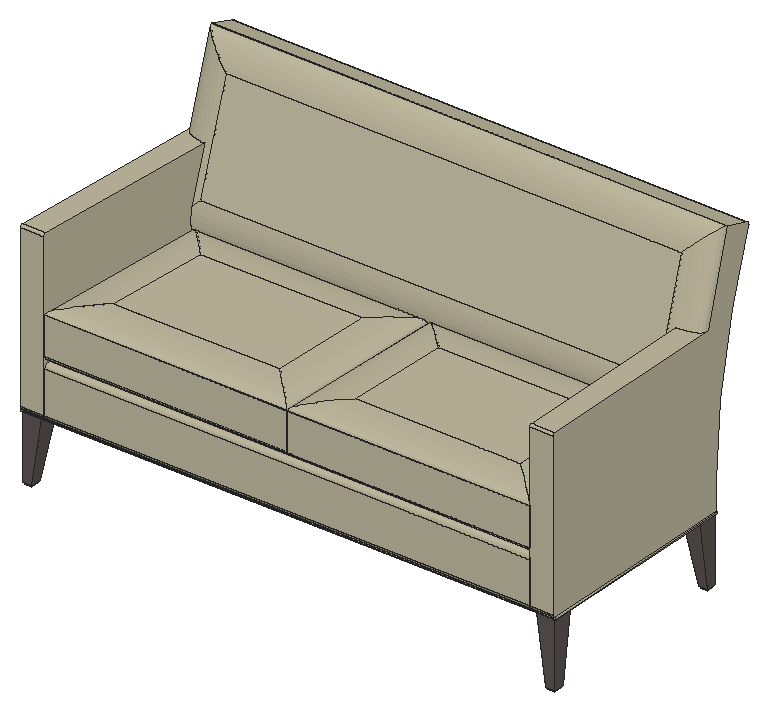
Revit family
Parameters
  URL = "http://www.martinbrattrud.com"
  SCS Certified Product = "Yes"
  Model = "Blackburn 760-56"
  Manufacturer = "Martin Brattrud, Inc."
  Leg [instance] = none
  Keynote = "125000"
  Foot [instance] = none
  Copyright = "© 2013 Martin Brattrud, Inc."
  Chair [instance] = none
  Authoring Version = "Revit Architecture 2010"
  Assembly Code = "E2020200"
Reference planes (in)
  plane 1 "Center Front/Back": y = 0
  plane 2: z = 0
  plane 3 "Center Left/Right": x = 0
Forms (in)
  Extrusion 1, solid, material <- "Chair"
    sketch origin (0, 0, 0) x (0, 1, 0) y (0, 0, 1)
      loop
        line (5.8028, 7.1875) -> (5.8028, 11.7852) -> (-8.26412, 11.7852)
        arc (-8.26412, 11.7852) -> (-10.46851, 11.92837) -> (-12.63586, 12.35546) r 17.04267
        arc (-12.63586, 12.35546) -> (-13.06897, 12.2685) -> (-13.26412, 11.87219) r 0.5
        line (-13.26412, 11.87219) -> (-13.26412, 7.4375)
        arc (-13.26412, 7.4375) -> (-13.1909, 7.26072) -> (-13.01412, 7.1875) r 0.25
        line (-13.01412, 7.1875) -> (5.8028, 7.1875)
    from -26.25 to 26.25
  Extrusion 2, void
    sketch origin (0, 0, 0) x (1, 0, 0) y (0, 1, 0)
      loop
        line (-29, 11.5528) -> (-29, -13.26412) -> (-25.74576, -13.26412) -> (-24.83905, 11.5528) -> (-29, 11.5528)
      loop
        line (29, 11.50722) -> (24.84072, 11.50722) -> (25.74576, -13.26412) -> (29, -13.26412) -> (29, 11.50722)
    from 6.00105 to 24.6875
  Extrusion 3, void
    sketch origin (0, 0, 0) x (1, 0, 0) y (0, 1, 0)
      loop
        line (-24.75485, 13.85742) -> (-25.74576, -13.26412) -> (-24.50969, -13.26412) -> (-24.50969, 13.85742) -> (-24.75485, 13.85742)
      loop
        line (24.75485, 13.85742) -> (24.50969, 13.85742) -> (24.50969, -13.26412) -> (25.74576, -13.26412) -> (24.75485, 13.85742)
    from 5.12224 to 25.20138
  Extrusion 4, solid, material <- "Chair"
    sketch origin (-15, 0, 0) x (0, 1, 0) y (0, 0, -1)
      loop
        line (-13.01412, -24.6875) -> (11.38995, -24.6875)
        arc (11.38995, -24.6875) -> (9.82389, -17.4441) -> (9.29834, -10.052) r 52.25
        line (9.29834, -10.052) -> (9.29834, -7.3125)
        arc (9.29834, -7.3125) -> (9.26173, -7.22411) -> (9.17334, -7.1875) r 0.125
        line (9.17334, -7.1875) -> (-13.01412, -7.1875)
        arc (-13.01412, -7.1875) -> (-13.1909, -7.26072) -> (-13.26412, -7.4375) r 0.25
        line (-13.26412, -7.4375) -> (-13.26412, -24.4375)
        arc (-13.26412, -24.4375) -> (-13.1909, -24.61428) -> (-13.01412, -24.6875) r 0.25
    from 9.50969 to 14
  Sweep 5, solid, material <- "Chair"
    path origin (0, 0, 0) x (1, 0, 0) y (0, 1, 0)
      loop
        line (-27.41468, 9.17335) -> (-28.23644, -13.01415) -> (28.23644, -13.01415) -> (27.41468, 9.17335) -> (-27.41468, 9.17335)
    profile origin (0, 9.17335, 0) x (0, 1, 0) y (0, 0, 1)
      loop
        circle (0, 7.06463) r 0.125
  SweptBlend 6, solid, material <- "Leg"
    path in 3D
      loop
        line (27.4146, 9.17563, 6.9375) -> (27.4146, 9.17563, 0.1875)
    profile origin (27.4146, 9.17563, 6.9375) x (0, 1, 0) y (-1, 0, 0)
      loop
        line (0, 0) -> (0, 2.00137) -> (-2, 1.9273) -> (-2, -0.07407) -> (0, 0)
    end profile origin (27.4146, 9.17563, 0.1875) x (0, 1, 0) y (-1, 0, 0)
      loop
        line (0, 0) -> (0, 1.00069) -> (-1, 0.96365) -> (-1, -0.03704) -> (0, 0)
  SweptBlend 7, solid, material <- "Leg"
    path in 3D
      loop
        line (-27.4146, 9.17563, 6.9375) -> (-27.4146, 9.17563, 0.1875)
    profile origin (-27.4146, 9.17563, 6.9375) x (0, 1, 0) y (-1, 0, 0)
      loop
        line (0, 0) -> (-2, 0.07407) -> (-2, -1.9273) -> (0, -2.00137) -> (0, 0)
    end profile origin (-27.4146, 9.17563, 0.1875) x (0, 1, 0) y (-1, 0, 0)
      loop
        line (0, 0) -> (-1, 0.03704) -> (-1, -0.96365) -> (0, -1.00069) -> (0, 0)
  SweptBlend 8, solid, material <- "Leg"
    path in 3D
      loop
        line (28.22335, -12.76046, 6.9375) -> (28.22335, -12.76046, 0.1875)
    profile origin (28.22335, -12.76046, 6.9375) x (0, 1, 0) y (-1, 0, 0)
      loop
        line (1.75017, 0.06482) -> (1.75017, 2.06619) -> (-0.24983, 1.99212) -> (-0.24983, -0.00925) -> (1.75017, 0.06482)
    end profile origin (28.22335, -12.76046, 0.1875) x (0, 1, 0) y (-1, 0, 0)
      loop
        line (0.74634, 0.02394) -> (0.74634, 1.02463) -> (-0.25366, 0.98759) -> (-0.24985, -0.00928) -> (0.74634, 0.02394)
  SweptBlend 9, solid, material <- "Leg"
    path in 3D
      loop
        line (-28.22335, -12.76046, 6.9375) -> (-28.22335, -12.76046, 0.1875)
    profile origin (-28.22335, -12.76046, 6.9375) x (0, 1, 0) y (-1, 0, 0)
      loop
        line (1.75017, -0.06482) -> (-0.24983, 0.00925) -> (-0.24983, -1.99212) -> (1.75017, -2.06619) -> (1.75017, -0.06482)
    end profile origin (-28.22335, -12.76046, 0.1875) x (0, 1, 0) y (-1, 0, 0)
      loop
        line (0.74634, -0.02394) -> (-0.24985, 0.00928) -> (-0.25366, -0.98759) -> (0.74634, -1.02463) -> (0.74634, -0.02394)
  Extrusion 10, solid, material <- "Foot"
    sketch origin (-0.78657, -21.182, 0) x (-1, 0, 0) y (0, -1, 0)
      loop
        line (27.29414, -9.05063) -> (27.32192, -8.30063) -> (26.57141, -8.30063) -> (26.54363, -9.05063) -> (27.29414, -9.05063)
      loop
        line (26.50757, -30.23263) -> (26.53535, -29.48263) -> (25.78484, -29.48263) -> (25.75706, -30.23263) -> (26.50757, -30.23263)
      loop
        line (-27.3302, -30.23263) -> (-27.35797, -29.48263) -> (-28.10849, -29.48263) -> (-28.08071, -30.23263) -> (-27.3302, -30.23263)
      loop
        line (-28.11676, -9.05063) -> (-28.14454, -8.30063) -> (-28.89506, -8.30063) -> (-28.86728, -9.05063) -> (-28.11676, -9.05063)
    from 0 to 0.1875
  Extrusion 11, solid, material <- "Chair"
    sketch origin (0, 0, 0) x (0, 1, 0) y (0, 0, 1)
      loop
        arc (9.17334, 7.1875) -> (9.26173, 7.22411) -> (9.29834, 7.3125) r 0.125
        line (9.29834, 7.3125) -> (9.29834, 10.052)
        arc (9.29834, 10.052) -> (9.94163, 18.2257) -> (11.85564, 26.19814) r 52.25
        line (11.85564, 26.19814) -> (13.78159, 32.1256)
        arc (13.78159, 32.1256) -> (13.74988, 32.51038) -> (13.45355, 32.75786) r 0.5
        line (13.45355, 32.75786) -> (11.02127, 33.50876) -> (5.8028, 16.6053) -> (5.8028, 7.1875) -> (9.17334, 7.1875)
    from -29 to 29
  Extrusion 12, void
    sketch origin (0, 0, 0) x (1, 0, 0) y (0, 1, 0)
      loop
        line (-28.2457, -13.26412) -> (-27.2415, 13.84925) -> (-29, 13.84925) -> (-29, -13.26412) -> (-28.2457, -13.26412)
      loop
        line (28.2457, -13.26412) -> (29, -13.26412) -> (29, 13.84925) -> (27.2415, 13.84925) -> (28.2457, -13.26412)
    from 5.37178 to 33.5625
  Extrusion 13, solid, material <- "Chair"
    sketch origin (-15, 0, 0) x (1, 0, 0) y (0, 1, 0)
      loop
        line (-10.04913, 5.8028) -> (-10.74576, -13.26412) -> (15, -13.26412) -> (15, 5.8028) -> (-10.04913, 5.8028)
    from 13 to 17
  Sweep 14, solid, material <- "Chair"
    path in 3D
      loop
        line (0, -13.26412, 17) -> (0, 5.8028, 17) -> (-25.04913, 5.8028, 17) -> (-25.74576, -13.26412, 17) -> (0, -13.26412, 17)
    profile origin (-12.87288, -13.26412, 17) x (0, 1, 0) y (0, 0, 1)
      loop
        line (0.03125, 0) -> (4.03125, 0) -> (4.03125, 0.75)
        spline (4.03125, 0.75) -> (3.50915, 0.74358) -> (2.99597, 0.72444) -> (2.50052, 0.69291) -> (2.03125, 0.64952) -> (1.5962, 0.59502) -> (1.20282, 0.53033) -> (0.85784, 0.45657) -> (0.56715, 0.375) -> (0.33573, 0.28701) -> (0.16755, 0.19411) -> (0.06547, 0.09789) -> (0.03125, 0)
      loop
        spline (0.03125, -4) -> (0.06547, -4.09789) -> (0.16755, -4.19411) -> (0.33573, -4.28701) -> (0.56715, -4.375) -> (0.85784, -4.45657) -> (1.20282, -4.53033) -> (1.5962, -4.59502) -> (2.03125, -4.64952) -> (2.50052, -4.69291) -> (2.99597, -4.72444) -> (3.50915, -4.74358) -> (4.03125, -4.75)
        line (4.03125, -4.75) -> (4.03125, -4) -> (0.03125, -4)
  Extrusion 15, solid, material <- "Chair"
    sketch origin (-15, 0, 0) x (1, 0, 0) y (0, 1, 0)
      loop
        line (-6.56453, -9.23287) -> (10.96875, -9.23287) -> (10.96875, 1.77155) -> (-6.16248, 1.77155) -> (-6.56453, -9.23287)
    from 17 to 17.75
  Extrusion 16, solid, material <- "Chair"
    sketch origin (-15, 0, 0) x (1, 0, 0) y (0, 1, 0)
      loop
        line (-6.56453, -9.23287) -> (10.96875, -9.23287) -> (10.96875, 1.77155) -> (-6.16248, 1.77155) -> (-6.56453, -9.23287)
    from 12.25 to 13
  Extrusion 17, solid, material <- "Chair"
    sketch origin (15, 0, 0) x (0, 1, 0) y (0, 0, 1)
      loop
        arc (-13.01412, 24.6875) -> (-13.1909, 24.61428) -> (-13.26412, 24.4375) r 0.25
        line (-13.26412, 24.4375) -> (-13.26412, 7.4375)
        arc (-13.26412, 7.4375) -> (-13.1909, 7.26072) -> (-13.01412, 7.1875) r 0.25
        line (-13.01412, 7.1875) -> (9.17334, 7.1875)
        arc (9.17334, 7.1875) -> (9.26173, 7.22411) -> (9.29834, 7.3125) r 0.125
        line (9.29834, 7.3125) -> (9.29834, 10.052)
        arc (9.29834, 10.052) -> (9.82389, 17.4441) -> (11.38995, 24.6875) r 52.25
        line (11.38995, 24.6875) -> (-13.01412, 24.6875)
    from 9.50969 to 14
  Sweep 18, solid, material <- "Chair"
    path in 3D
      loop
        line (-27.34624, 11.02127, 33.50876) -> (-27.53952, 5.8028, 16.6053) -> (27.53952, 5.8028, 16.6053) -> (27.34624, 11.02127, 33.50876) -> (-27.34624, 11.02127, 33.50876)
    profile origin (0, 11.02127, 33.50876) x (0, -0.294985, -0.955502) y (0, -0.955502, 0.294985)
      loop
        line (0.03125, 0) -> (3.28125, 0) -> (3.28125, 1.25)
        spline (3.28125, 1.25) -> (2.85704, 1.23931) -> (2.44009, 1.20741) -> (2.03753, 1.15485) -> (1.65625, 1.08253) -> (1.30278, 0.99169) -> (0.98315, 0.88388) -> (0.70285, 0.76095) -> (0.46667, 0.625) -> (0.27864, 0.47835) -> (0.14199, 0.32352) -> (0.05905, 0.16316) -> (0.03125, 0)
  Sweep 19, solid, material <- "Chair"
    path in 3D
      loop
        line (-24.10064, 8.85898, 30.74225) -> (-24.10064, 10.05335, 30.37352)
    profile origin (-24.10064, 9.45617, 30.55788) x (1, 0, 0) y (0, -0.294985, -0.955502)
      loop
        line (0, 0) -> (48.20129, 0) -> (48.32287, 11.12816) -> (-0.12158, 11.12816) -> (0, 0)
  Sweep 20, solid, material <- "Chair"
    path in 3D
      loop
        line (0, -13.26412, 17) -> (0, 5.8028, 17) -> (25.04913, 5.8028, 17) -> (25.74576, -13.26412, 17) -> (0, -13.26412, 17)
    profile origin (12.87288, -13.26412, 17) x (0, -1, 0) y (0, 0, 1)
      loop
        spline (-0.03125, 0) -> (-0.06547, 0.09789) -> (-0.16755, 0.19411) -> (-0.33573, 0.28701) -> (-0.56715, 0.375) -> (-0.85784, 0.45657) -> (-1.20282, 0.53033) -> (-1.5962, 0.59502) -> (-2.03125, 0.64952) -> (-2.50052, 0.69291) -> (-2.99597, 0.72444) -> (-3.50915, 0.74358) -> (-4.03125, 0.75)
        line (-4.03125, 0.75) -> (-4.03125, 0) -> (-0.03125, 0)
      loop
        line (-0.03125, -4) -> (-4.03125, -4) -> (-4.03125, -4.75)
        spline (-4.03125, -4.75) -> (-3.50915, -4.74358) -> (-2.99597, -4.72444) -> (-2.50052, -4.69291) -> (-2.03125, -4.64952) -> (-1.5962, -4.59502) -> (-1.20282, -4.53033) -> (-0.85784, -4.45657) -> (-0.56715, -4.375) -> (-0.33573, -4.28701) -> (-0.16755, -4.19411) -> (-0.06547, -4.09789) -> (-0.03125, -4)
  Extrusion 21, solid, material <- "Chair"
    sketch origin (15, 0, 0) x (-1, 0, 0) y (0, -1, 0)
      loop
        line (-6.56453, 9.23287) -> (-6.16248, -1.77155) -> (10.96875, -1.77155) -> (10.96875, 9.23287) -> (-6.56453, 9.23287)
    from 17 to 17.75
  Extrusion 22, solid, material <- "Chair"
    sketch origin (15, 0, 0) x (-1, 0, 0) y (0, -1, 0)
      loop
        line (-6.56453, 9.23287) -> (-6.16248, -1.77155) -> (10.96875, -1.77155) -> (10.96875, 9.23287) -> (-6.56453, 9.23287)
    from 12.25 to 13
  Extrusion 23, solid, material <- "Chair"
    sketch origin (15, 0, 0) x (-1, 0, 0) y (0, -1, 0)
      loop
        line (-10.04913, -5.8028) -> (15, -5.8028) -> (15, 13.26412) -> (-10.74576, 13.26412) -> (-10.04913, -5.8028)
    from 13 to 17
Cuts and joins
  Extrusion 12 cuts SweptBlend 6
  Extrusion 12 cuts SweptBlend 7
  Extrusion 12 cuts Extrusion 10
  Extrusion 3, Extrusion 12 cuts Extrusion 4
  Extrusion 12 cuts Extrusion 11
  Extrusion 3, Extrusion 12 cuts Extrusion 17
  joined: Extrusion 4, Extrusion 11, Extrusion 17
  joined: Sweep 14, Extrusion 15, Extrusion 16
  Extrusion 2 cuts Extrusion 1
  joined: Sweep 20, Extrusion 21, Extrusion 22
  Extrusion 2 cuts Sweep 18
  joined: Sweep 18, Sweep 19
Lines and regions (in)
  sketch lines
    curve 1: line (27.4146, 9.17563, 6.9375) -> (27.4146, 9.17563, 0.1875)
    curve 2: line (-27.4146, 9.17563, 6.9375) -> (-27.4146, 9.17563, 0.1875)
    curve 3: line (28.22335, -12.76046, 6.9375) -> (28.22335, -12.76046, 0.1875)
    curve 4: line (-28.22335, -12.76046, 6.9375) -> (-28.22335, -12.76046, 0.1875)
    curve 5: line (-25.74576, -13.26412, 17) -> (0, -13.26412, 17)
    curve 6: line (-25.04913, 5.8028, 17) -> (-25.74576, -13.26412, 17)
    curve 7: line (0, 5.8028, 17) -> (-25.04913, 5.8028, 17)
    curve 8: line (27.34624, 11.02127, 33.50876) -> (-27.34624, 11.02127, 33.50876)
    curve 9: line (-27.34624, 11.02127, 33.50876) -> (-27.53952, 5.8028, 16.6053)
    curve 10: line (27.53952, 5.8028, 16.6053) -> (-27.53952, 5.8028, 16.6053)
    curve 11: line (-24.10064, 8.85898, 30.74225) -> (-24.10064, 10.05335, 30.37352)
    curve 12: line (0, -13.26412, 17) -> (0, 5.8028, 17)
    curve 13: line (25.74576, -13.26412, 17) -> (0, -13.26412, 17)
    curve 14: line (25.04913, 5.8028, 17) -> (25.74576, -13.26412, 17)
    curve 15: line (0, 5.8028, 17) -> (25.04913, 5.8028, 17)
    curve 16: line (0, -13.26412, 17) -> (0, 5.8028, 17)
    curve 17: line (27.53952, 5.8028, 16.6053) -> (27.34624, 11.02127, 33.50876)
  model lines
    curve 18: line (27.4437, 8.39002, 24.6875) -> (27.33259, 11.38995, 24.6875)
    curve 19: line (-27.4437, 8.39002, 24.6875) -> (-27.33259, 11.38995, 24.6875)
